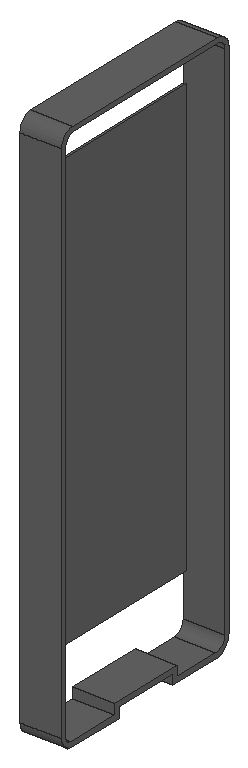
Revit family "1117-S", category Meble, Revit 2021
Family settings
  Numer OmniClass = 23.40.20.00
  Tytuł OmniClass = General Furniture and Specialties
  Oparty na płaszczyźnie roboczej = Nie
  Zawsze pionowo = Tak
  Tnij formami wycięć po wczytaniu = Nie
  Współdzielony = Nie
  Punkt obliczania pomieszczeń = Nie
Parameters (values of type "1117-S")
  metal = Mobilis Design RAL 9004
  Width = "6 cm"
  Weight = "10 kg"
  URL = ""
  Product line = "Centaurus"
  Product Groups = ""
  Manufacturer = ""
  Keynote = ""
  Description = ""
  Model = "1117-S"
  Material = ""
  Maintenance = ""
  Lenght = "30 cm"
  Type Comments = ""
  Mobilis Design Materials = ""
  Hosted on = ""
  Height = "80 cm"
  Domyślna rzędna = 0 mm
  Copyright = "All designs and drawings are the common intellectual property of Lars Laj A/S and Tress and are protected by Danish and international copyright laws."
Reference planes
  plane 1 "front": y = 0
  plane 2: z = 0
  plane 3 "Środek (Lewa/Prawa)": x = 0
Forms (mm)
  Extrusion 1, solid, material "Mobilis Design RAL 9004" <- "metal", not visible
    sketch origin (0, 0, 0) x (0, 1, 0) y (0, 0, 1)
      loop
        arc (71.187, 451.5) -> (57.045, 445.642) -> (51.187, 431.5) r 20
        line (51.187, 431.5) -> (51.187, 18.231)
        arc (51.187, 18.231) -> (56.527, 5.34) -> (69.418, 0) r 18.231
        line (69.418, 0) -> (153.638, 0) -> (153.638, 15) -> (448.638, 15) -> (448.638, 0) -> (527.023, 0)
        arc (527.023, 0) -> (542.307, 6.331) -> (548.638, 21.615) r 21.615
        line (548.638, 21.615) -> (548.638, 429.407)
        arc (548.638, 429.407) -> (542.168, 445.029) -> (526.545, 451.5) r 22.093
        line (526.545, 451.5) -> (71.187, 451.5)
    from 750.378 to 745
  Extrusion 2, solid, material "Mobilis Design RAL 9004" <- "metal", not visible
    sketch origin (0, 0, 0) x (0, 1, 0) y (0, 0, 1)
      loop
        line (548.638, 396.844) -> (629.375, 854.725) -> (601.836, 859.581)
        arc (601.836, 859.581) -> (585.224, 855.898) -> (576.082, 841.547) r 22.232
        line (576.082, 841.547) -> (507.306, 451.5) -> (526.545, 451.5)
        arc (526.545, 451.5) -> (542.168, 445.029) -> (548.638, 429.407) r 22.093
        line (548.638, 429.407) -> (548.638, 396.844)
    from 745 to 750.378
  Extrusion 3, solid, material "Kobenhagen Wood - Larch", not visible
    sketch origin (0, -896.088, 385.255) x (0, 1, 0) y (0, 0, 1)
      loop
        arc (244.222, 429.703) -> (240.686, 428.239) -> (239.222, 424.703) r 5
        line (239.222, 424.703) -> (239.222, 388.972)
        arc (239.222, 388.972) -> (239.796, 387.586) -> (241.182, 387.012) r 1.96
        line (241.182, 387.012) -> (327.222, 387.012)
        arc (327.222, 387.012) -> (328.636, 387.598) -> (329.222, 389.012) r 2
        line (329.222, 389.012) -> (329.222, 424.703)
        arc (329.222, 424.703) -> (327.757, 428.239) -> (324.222, 429.703) r 5
        line (324.222, 429.703) -> (244.222, 429.703)
    from -745.625 to 745.937
  Extrusion 4, solid, material "Kobenhagen Wood - Larch", not visible
    sketch origin (0, -998.538, 385.255) x (0, 1, 0) y (0, 0, 1)
      loop
        arc (252.671, 429.703) -> (249.136, 428.239) -> (247.671, 424.703) r 5
        line (247.671, 424.703) -> (247.671, 388.972)
        arc (247.671, 388.972) -> (248.245, 387.586) -> (249.631, 387.012) r 1.96
        line (249.631, 387.012) -> (335.671, 387.012)
        arc (335.671, 387.012) -> (337.085, 387.598) -> (337.671, 389.012) r 2
        line (337.671, 389.012) -> (337.671, 424.703)
        arc (337.671, 424.703) -> (336.207, 428.239) -> (332.671, 429.703) r 5
        line (332.671, 429.703) -> (252.671, 429.703)
    from -745.625 to 745.937
  Extrusion 5, solid, material "Kobenhagen Wood - Larch", not visible
    sketch origin (0, -1101.038, 385.255) x (0, 1, 0) y (0, 0, 1)
      loop
        arc (275.801, 429.704) -> (261.616, 423.828) -> (255.74, 409.642) r 20.061
        line (255.74, 409.642) -> (258.916, 409.642) -> (258.916, 387.013) -> (344.172, 387.013)
        arc (344.172, 387.013) -> (345.585, 387.598) -> (346.171, 389.012) r 1.999
        line (346.171, 389.012) -> (346.171, 424.706)
        arc (346.171, 424.706) -> (344.707, 428.24) -> (341.173, 429.704) r 4.998
        line (341.173, 429.704) -> (275.801, 429.704)
    from -745.625 to 745.937
  Extrusion 6, solid, material "Mobilis Design RAL 9004" <- "metal", not visible
    sketch origin (0, -896.058, 363.795) x (0, 1, 0) y (0, 0, 1)
      loop
        line (53.936, 431.102) -> (51.187, 431.102) -> (51.187, 407.787) -> (53.936, 407.787) -> (53.936, 431.102)
    from -745.625 to 745.937
  Extrusion 7, solid, material "Kobenhagen Wood - Larch", not visible
    sketch origin (0, 162.946, 385.255) x (0, -1, 0) y (0, 0, -1)
      loop
        line (275.801, -429.704) -> (342.815, -429.704)
        arc (342.815, -429.704) -> (346.349, -428.24) -> (347.813, -424.706) r 4.998
        line (347.813, -424.706) -> (347.813, -389.012)
        arc (347.813, -389.012) -> (347.227, -387.598) -> (345.813, -387.013) r 1.999
        line (345.813, -387.013) -> (258.705, -387.013) -> (258.705, -409.642) -> (255.74, -409.642)
        arc (255.74, -409.642) -> (261.616, -423.828) -> (275.801, -429.704) r 20.061
    from -745.625 to 745.938
  Extrusion 8, solid, material "Mobilis Design RAL 9004" <- "metal", not visible
    sketch origin (0, -41.823, 363.795) x (0, -1, 0) y (0, 0, -1)
      loop
        line (53.936, -431.102) -> (53.936, -407.787) -> (51.187, -407.787) -> (51.187, -431.102) -> (53.936, -431.102)
    from -745.625 to 745.938
  Extrusion 9, solid, material "Kobenhagen Wood - Larch", not visible
    sketch origin (0, -707.338, 385.255) x (0, 1, 0) y (0, 0, 1)
      loop
        arc (244.222, 429.703) -> (240.686, 428.239) -> (239.222, 424.703) r 5
        line (239.222, 424.703) -> (239.222, 388.972)
        arc (239.222, 388.972) -> (239.796, 387.586) -> (241.182, 387.012) r 1.96
        line (241.182, 387.012) -> (327.222, 387.012)
        arc (327.222, 387.012) -> (328.636, 387.598) -> (329.222, 389.012) r 2
        line (329.222, 389.012) -> (329.222, 424.703)
        arc (329.222, 424.703) -> (327.757, 428.239) -> (324.222, 429.703) r 5
        line (324.222, 429.703) -> (244.222, 429.703)
    from -745.625 to 745.937
  Extrusion 10, solid, material "Kobenhagen Wood - Larch", not visible
    sketch origin (0, -809.788, 385.255) x (0, 1, 0) y (0, 0, 1)
      loop
        arc (252.671, 429.703) -> (249.136, 428.239) -> (247.671, 424.703) r 5
        line (247.671, 424.703) -> (247.671, 388.972)
        arc (247.671, 388.972) -> (248.245, 387.586) -> (249.631, 387.012) r 1.96
        line (249.631, 387.012) -> (335.671, 387.012)
        arc (335.671, 387.012) -> (337.085, 387.598) -> (337.671, 389.012) r 2
        line (337.671, 389.012) -> (337.671, 424.703)
        arc (337.671, 424.703) -> (336.207, 428.239) -> (332.671, 429.703) r 5
        line (332.671, 429.703) -> (252.671, 429.703)
    from -745.625 to 745.937
  Extrusion 11, solid, material "Kobenhagen Wood - Larch", not visible
    sketch origin (0, -519.338, 385.255) x (0, 1, 0) y (0, 0, 1)
      loop
        arc (244.222, 429.703) -> (240.686, 428.239) -> (239.222, 424.703) r 5
        line (239.222, 424.703) -> (239.222, 388.972)
        arc (239.222, 388.972) -> (239.796, 387.586) -> (241.182, 387.012) r 1.96
        line (241.182, 387.012) -> (327.222, 387.012)
        arc (327.222, 387.012) -> (328.636, 387.598) -> (329.222, 389.012) r 2
        line (329.222, 389.012) -> (329.222, 424.703)
        arc (329.222, 424.703) -> (327.757, 428.239) -> (324.222, 429.703) r 5
        line (324.222, 429.703) -> (244.222, 429.703)
    from -745.625 to 745.937
  Extrusion 12, solid, material "Kobenhagen Wood - Larch", not visible
    sketch origin (0, -621.788, 385.255) x (0, 1, 0) y (0, 0, 1)
      loop
        arc (252.671, 429.703) -> (249.136, 428.239) -> (247.671, 424.703) r 5
        line (247.671, 424.703) -> (247.671, 388.972)
        arc (247.671, 388.972) -> (248.245, 387.586) -> (249.631, 387.012) r 1.96
        line (249.631, 387.012) -> (335.671, 387.012)
        arc (335.671, 387.012) -> (337.085, 387.598) -> (337.671, 389.012) r 2
        line (337.671, 389.012) -> (337.671, 424.703)
        arc (337.671, 424.703) -> (336.207, 428.239) -> (332.671, 429.703) r 5
        line (332.671, 429.703) -> (252.671, 429.703)
    from -745.625 to 745.937
  Extrusion 13, solid, material "Mobilis Design RAL 9004" <- "metal"
    sketch origin (870, -206.194, 0) x (0, -1, 0) y (0, 0, 1)
      loop
        line (-57.017, 714) -> (-346.138, 714) -> (-346.138, 86) -> (-57.017, 86) -> (-57.017, 714)
    from 890.131 to 893.125
  Extrusion 14, solid, material "Mobilis Design RAL 9004" <- "metal"
    sketch origin (870, -206.194, 0) x (0, 1, 0) y (0, 0, 1)
      loop
        line (351.138, 23.296) -> (351.138, 779.812)
        arc (351.138, 779.812) -> (345.281, 793.955) -> (331.138, 799.812) r 20
        line (331.138, 799.812) -> (71.187, 799.812)
        arc (71.187, 799.812) -> (57.045, 793.955) -> (51.187, 779.812) r 20
        line (51.187, 779.812) -> (51.187, 18.763)
        arc (51.187, 18.763) -> (56.683, 5.495) -> (69.95, 0) r 18.763
        line (69.95, 0) -> (153.638, 0) -> (153.638, 15) -> (251.138, 15) -> (251.138, 0) -> (327.842, 0)
        arc (327.842, 0) -> (344.315, 6.823) -> (351.138, 23.296) r 23.296
      loop
        arc (73.645, 793.812) -> (61.887, 788.942) -> (57.017, 777.184) r 16.628
        line (57.017, 777.184) -> (57.017, 18.763)
        arc (57.017, 18.763) -> (60.315, 10.799) -> (68.279, 7.5) r 11.263
        line (68.279, 7.5) -> (146.138, 7.5) -> (146.138, 22.5) -> (258.638, 22.5) -> (258.638, 7.5) -> (329.203, 7.5)
        arc (329.203, 7.5) -> (340.373, 12.127) -> (344.999, 23.296) r 15.796
        line (344.999, 23.296) -> (344.999, 780.419)
        arc (344.999, 780.419) -> (341.076, 789.89) -> (331.606, 793.812) r 13.394
        line (331.606, 793.812) -> (73.645, 793.812)
    from -893.125 to -833.125
Lines and regions (mm)
  model lines, style "9"
    curve 1: line (264.233, -254.433, 0) -> (264.233, -248.433, 0)
    curve 2: line (264.233, -399.489, 0) -> (264.233, -405.489, 0)
    curve 3: line (-304.767, -254.433, 0) -> (-304.767, -248.433, 0)
    curve 4: line (-304.767, -399.489, 0) -> (-304.767, -405.489, 0)
    curve 5: line (-281.767, -254.433, 0) -> (-281.767, -248.433, 0)
    curve 6: line (-281.767, -399.489, 0) -> (-281.767, -405.489, 0)
    curve 7: line (0, -245.5, 21) -> (0, -239.5, 21)
    curve 8: line (0, -445.5, 21) -> (0, -451.5, 21)
    curve 9: line (0, -194.867, 21.088) -> (0, -188.867, 21.088)
    curve 10: line (0, -744.867, 21.088) -> (0, -750.867, 21.088)
    curve 11: line (0, 44.823, 21) -> (0, 50.823, 21)
Dimensions and locks
  Extrusion 3 sketch curve to Extrusion 3 sketch curve = 90 mm
  Extrusion 3 sketch curve to Extrusion 3 sketch curve = 42.691 mm
  Extrusion 4 sketch curve to Extrusion 4 sketch curve = 90 mm
  Extrusion 4 sketch curve to Extrusion 4 sketch curve = 42.691 mm
  Extrusion 5 sketch curve to Extrusion 5 sketch curve = 42.691 mm
  Extrusion 7 sketch curve to Extrusion 7 sketch curve = 42.691 mm
  Extrusion 9 sketch curve to Extrusion 9 sketch curve = 90 mm
  Extrusion 9 sketch curve to Extrusion 9 sketch curve = 42.691 mm
  Extrusion 10 sketch curve to Extrusion 10 sketch curve = 90 mm
  Extrusion 10 sketch curve to Extrusion 10 sketch curve = 42.691 mm
  Extrusion 11 sketch curve to Extrusion 11 sketch curve = 90 mm
  Extrusion 11 sketch curve to Extrusion 11 sketch curve = 42.691 mm
  Extrusion 12 sketch curve to Extrusion 12 sketch curve = 90 mm
  Extrusion 12 sketch curve to Extrusion 12 sketch curve = 42.691 mm
  Extrusion 14 sketch curve to Extrusion 13 = 294.122 mm
  aligned and locked: level to plane 2
